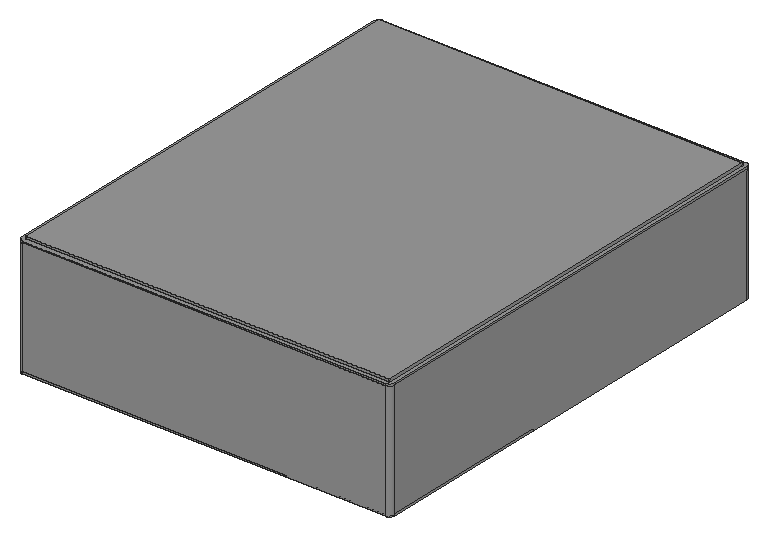
Revit family "Building-SurfaceMountingEnclosures-GEWISS-44CE-JUNCTION-BOXES-WALL-MOUNTING", category Apparecchi elettrici, host Superficie, Revit 2016
Family settings
  Host = Superficie
  Mantenere orientamento annotazione = Sì
  Tipo di parte = Normale
  Quota connettore circolare = Usa diametro
  Numero OmniClass = 23.80.30.14.24
  Titolo OmniClass = Junction Boxes
  Taglio con vuoti quando caricato = No
  Condiviso = No
  Punto di calcolo locali = Sì
Parameters (values of type "GW44431 - ENCLOSURE W.TRANSP.LID 460X380X120 IP56")
  distanza dal muro [instance] = 0 mm
  Walls = "Smooth"
  Voltaggio = 0 V
  Version file RFA = "18.0"
  VISTA DI PIANTA [instance] = yes
  URL = "https://www.gewiss.com/ww/en"
  Type of material = "Halogen-free in compliance with EN 60754-2"
  Torque screws tightening = "1,8NM"
  Thermo-pressure with ball = "110 °C"
  Technical sheet = "https://www.gewiss.com/ww/en/search?q=GW44431"
  Spostamento_x [instance] = 0 mm
  Spostamento_effettivo_x [instance] = 4000 mm - Spostamento_x  # 4000 mm
  Shock resistance = "IK08"
  SEO = "Box"
  Realized by GEWISS S.p.A. = ""
  Produttore = "GEWISS S.p.A."
  Operating temperature = "-25 +60 °C"
  Max Ã˜ holes possible = "48MM"
  Material = "Technopolymer GWPLAST 120"
  Lid screws (no. and type) = "6 insul. sealable hinged"
  Lid colour = "Transparent"
  Lid = "Plain screwed"
  Internal dim. LxHxD (mm) = "460x380x120"
  Insulation class = "II (according to IEC 61140 standards)"
  Immagine tipo = GW44431.jpg
  Scatola = GW - Grigio RAL 7035
  SIMBOLO [instance] = yes
  Modello = "GW44431"
  Default Elevation = 1219.2 mm
  Lunghezza_interna = 380 mm
  Larghezza_interna = 460 mm
  Spessore = 120 mm
  IP degree = "IP56"
  IDT = "9d7720fb-e677-4d26-8d25-fa01e92eaf96"
  IDF = "2f48c751-3916-45a0-a840-afda0dddd5b2"
  Glow Wire Test = "650°C"
  Electrocod = "0231"
  EAN code = "8011564014145"
  Diametro ingresso corrugato [instance] = 20 mm
  Dettaglio = Eemento di dettaglio - 44CE : 460x380x120
  Descrizione = "ENCLOSURE W.TRANSP.LID 460X380X120 IP56"
  Coperchio = GEWISS COPERCHIO TRASPARENTE
  Colour = "Grey RAL 7035"
  Classificazione = Other
  Catalogue Range = "44 CE"
  Catalogue = "BUILDING"
  Carico apparente = 0 VA
  CORNICE SIMBOLO [instance] = no
  COBie.Tagnumber = ""
  COBie.CreatedOn = ""
  COBie.CreatebBy = ""
  COBie.ComponentRegisterItemID = ""
  COBie.Component.TagNumber = ""
  COBie.Component.Space = ""
  COBie.Component.SerialNumber = ""
  COBie.Component.InstallationDate = ""
  COBie.Component.Description = ""
  COBie.Component.BarCode = ""
  Application = "Industrial uses"
  Accessories for insulation restoring = "GW44621"
Types (34, lengths in mm): name | Type of material | Torque screws tightening | Thermo-pressure with ball | Technical sheet | Spostamento_x | Spostamento_effettivo_x | Max Ã˜ holes possible | Material | Lid screws (no. and type) | Lid colour | Internal dim. LxHxD (mm) | Immagine tipo | Modello | Lunghezza_interna | Larghezza_interna | Spessore | IP degree | IDT | Glow Wire Test | Electrocod | EAN code | Dettaglio | Descrizione | Coperchio | Application | Accessories for insulation restoring
  GW44204 - JUNCT.BOX SMOOTH WALLS 100X100X50 IP56 | "Halogen-free in compliance with EN 60754-2" | "1NM" | "85 °C" | "https://www.gewiss.com/ww/en/search?q=GW44204" | 0 | 4000 | "29MM" | "Technopolymer GWPLAST 75" | "4 - Stainless steel" | "" | "100x100x50" | GW44204.jpg | "GW44204" | 100 | 100 | 50 | "IP56" | "22969abb-50f3-4462-9943-7c3efaf73419" | "650°C" | "02211" | "8011564013773" | Eemento di dettaglio - 44CE : 100x100x50 | "JUNCT.BOX SMOOTH WALLS 100X100X50 IP56" | GW - Grigio RAL 7035 | "Ordinary junctions" | "GW44622"
  GW44205 - JUNCT.BOX SMOOTH WALLS 120X80X50 IP56 | "Halogen-free in compliance with EN 60754-2" | "1NM" | "85 °C" | "https://www.gewiss.com/ww/en/search?q=GW44205" | 0 | 4000 | "29MM" | "Technopolymer GWPLAST 75" | "4 - Stainless steel" | "" | "120x80x50" | GW44205.jpg | "GW44205" | 80 | 120 | 50 | "IP56" | "52b7fb7c-12f0-4e62-ae51-f10f6e64914f" | "650°C" | "02211" | "8011564013780" | Eemento di dettaglio - 44CE : 120x80x50 | "JUNCT.BOX SMOOTH WALLS 120X80X50 IP56" | GW - Grigio RAL 7035 | "Ordinary junctions" | "GW44622"
  GW44206 - JUNCT.BOX SMOOTH WALLS 150X110X70 IP56 | "Halogen-free in compliance with EN 60754-2" | "1,2NM" | "85 °C" | "https://www.gewiss.com/ww/en/search?q=GW44206" | 0 | 4000 | "29MM" | "Technopolymer GWPLAST 75" | "4 - Stainless steel" | "" | "150x110x70" | GW44206.jpg | "GW44206" | 110 | 150 | 70 | "IP56" | "47d10e64-8065-4d23-8b62-953182284a50" | "650°C" | "02211" | "8011564013797" | Eemento di dettaglio - 44CE : 150x110x70 | "JUNCT.BOX SMOOTH WALLS 150X110X70 IP56" | GW - Grigio RAL 7035 | "Ordinary junctions" | "GW44622"
  GW44207 - JUNCT.BOX SMOOTH WALLS 190X140X70 IP56 | "Halogen-free in compliance with EN 60754-2" | "1,8NM" | "85 °C" | "https://www.gewiss.com/ww/en/search?q=GW44207" | 0 | 4000 | "37MM" | "Technopolymer GWPLAST 75" | "4 insul. sealable hinged" | "" | "190x140x70" | GW44207.jpg | "GW44207" | 140 | 190 | 70 | "IP56" | "337b83f9-6b4d-4582-90cc-11de11e69969" | "650°C" | "02211" | "8011564013803" | Eemento di dettaglio - 44CE : 190x140x70 | "JUNCT.BOX SMOOTH WALLS 190X140X70 IP56" | GW - Grigio RAL 7035 | "Ordinary junctions" | "GW44621, GW44622"
  GW44208 - JUNCT.BOX SMOOTH WALLS 240X190X90 IP56 | "Halogen-free in compliance with EN 60754-2" | "1,8NM" | "85 °C" | "https://www.gewiss.com/ww/en/search?q=GW44208" | -96.081 | 4096.081 | "37MM" | "Technopolymer GWPLAST 75" | "4 insul. sealable hinged" | "" | "240x190x90" | GW44208.jpg | "GW44208" | 190 | 240 | 90 | "IP56" | "de1af3df-6e3f-48cf-83ee-0215e9915d51" | "650°C" | "02211" | "8011564013810" | Eemento di dettaglio - 44CE : 240x190x90 | "JUNCT.BOX SMOOTH WALLS 240X190X90 IP56" | GW - Grigio RAL 7035 | "Ordinary junctions" | "GW44621, GW44622"
  GW44209 - JUNCT.BOX SMOOTH WALLS  300X220X120 IP56 | "Halogen-free in compliance with EN 60754-2" | "1,8NM" | "85 °C" | "https://www.gewiss.com/ww/en/search?q=GW44209" | 0 | 4000 | "48MM" | "Technopolymer GWPLAST 75" | "4 insul. sealable hinged" | "" | "300x220x120" | GW44209.jpg | "GW44209" | 220 | 300 | 120 | "IP56" | "cf6db834-0863-43b0-a483-11796ac71c75" | "650°C" | "02211" | "8011564013827" | Eemento di dettaglio - 44CE : 300x220x120 | "JUNCT.BOX SMOOTH WALLS  300X220X120 IP56" | GW - Grigio RAL 7035 | "Ordinary junctions" | "GW44621, GW44622"
  GW44210 - JUNCT.BOX SMOOTH WALLS 380X300X120 IP56 | "Halogen-free in compliance with EN 60754-2" | "1,8NM" | "85 °C" | "https://www.gewiss.com/ww/en/search?q=GW44210" | 0 | 4000 | "48MM" | "Technopolymer GWPLAST 75" | "4 insul. sealable hinged" | "" | "380x300x120" | GW44210.jpg | "GW44210" | 300 | 380 | 120 | "IP56" | "3153c5f9-b06e-4ae9-a280-79e8a165a081" | "650°C" | "02211" | "8011564013834" | Eemento di dettaglio - 44CE : 380x300x120 | "JUNCT.BOX SMOOTH WALLS 380X300X120 IP56" | GW - Grigio RAL 7035 | "Ordinary junctions" | "GW44621, GW44623"
  GW44211 - JUNCT.BOX SMOOTH WALLS 460X380X120 IP56 | "Halogen-free in compliance with EN 60754-2" | "1,8NM" | "85 °C" | "https://www.gewiss.com/ww/en/search?q=GW44211" | 0 | 4000 | "48MM" | "Technopolymer GWPLAST 75" | "6 insul. sealable hinged" | "" | "460x380x120" | GW44211.jpg | "GW44211" | 380 | 460 | 120 | "IP56" | "38c04d2f-f886-4409-965b-0291314ac90d" | "650°C" | "02211" | "8011564013841" | Eemento di dettaglio - 44CE : 460x380x120 | "JUNCT.BOX SMOOTH WALLS 460X380X120 IP56" | GW - Grigio RAL 7035 | "Ordinary junctions" | "GW44621"
  GW44234 - JUNCT.BOX IP55 100x100x50 1/4T GWT 650°C | "Halogen-free in compliance with EN 60754-2" | "1NM" | "85 °C" | "https://www.gewiss.com/ww/en/search?q=GW44234" | 0 | 4000 | "29MM" | "Technopolymer GWPLAST 75" | "4 insul. a 1/4 turn, sealable" | "" | "100x100x50" | GW44234.jpg | "GW44234" | 100 | 100 | 50 | "IP55" | "619f96b8-842b-479f-8803-44aba47870ac" | "650°C" | "02211" | "8011564196223" | Eemento di dettaglio - 44CE : 100x100x50 | "JUNCT.BOX IP55 100x100x50 1/4T GWT 650°C" | GW - Grigio RAL 7035 | "Ordinary junctions" | "GW44622"
  GW44236 - JUNCT.BOX IP55 150x110x70 1/4T GWT 650°C | "Halogen-free in compliance with EN 60754-2" | "1,2NM" | "85 °C" | "https://www.gewiss.com/ww/en/search?q=GW44236" | 0 | 4000 | "29MM" | "Technopolymer GWPLAST 75" | "4 insul. a 1/4 turn, sealable" | "" | "150x110x70" | GW44236.jpg | "GW44236" | 110 | 150 | 70 | "IP55" | "281e44f2-e44d-496f-be65-35e6b1397034" | "650°C" | "02211" | "8011564196230" | Eemento di dettaglio - 44CE : 150x110x70 | "JUNCT.BOX IP55 150x110x70 1/4T GWT 650°C" | GW - Grigio RAL 7035 | "Ordinary junctions" | "GW44622"
  GW44274 - JUNC.BOX IP56 100X100X50 SMOOTH W.GWT960 | "" | "1NM" | "85 °C" | "https://www.gewiss.com/ww/en/search?q=GW44274" | 0 | 4000 | "29MM" | "Technopolymer GWPLAST 75" | "4 - Stainless steel" | "" | "100x100x50" | GW44274.jpg | "GW44274" | 100 | 100 | 50 | "IP56" | "e997b518-ba17-463e-bd0d-39e5084bd7c5" | "960°C" | "02211" | "8011564217812" | Eemento di dettaglio - 44CE : 100x100x50 | "JUNC.BOX IP56 100X100X50 SMOOTH W.GWT960" | GW - Grigio RAL 7035 | "Special uses" | "GW44622"
  GW44275 - JUNC.BOX IP56 120X80X50 SMOOTH W.GWT960 | "" | "1NM" | "85 °C" | "https://www.gewiss.com/ww/en/search?q=GW44275" | 0 | 4000 | "29MM" | "Technopolymer GWPLAST 75" | "4 - Stainless steel" | "" | "120x80x50" | GW44275.jpg | "GW44275" | 80 | 120 | 50 | "IP56" | "5883e35f-b3ac-4b66-b288-712acfc49f72" | "960°C" | "02211" | "8011564217652" | Eemento di dettaglio - 44CE : 120x80x50 | "JUNC.BOX IP56 120X80X50 SMOOTH W.GWT960" | GW - Grigio RAL 7035 | "Special uses" | "GW44622"
  GW44276 - JUNC.BOX IP56 150X110X70 SMOOTH W.GWT960 | "" | "1,2NM" | "85 °C" | "https://www.gewiss.com/ww/en/search?q=GW44276" | 0 | 4000 | "29MM" | "Technopolymer GWPLAST 75" | "4 - Stainless steel" | "" | "150x110x70" | GW44276.jpg | "GW44276" | 110 | 150 | 70 | "IP56" | "b53966a8-4626-4e9a-aad6-d22c8c7f2ac1" | "960°C" | "02211" | "8011564217669" | Eemento di dettaglio - 44CE : 150x110x70 | "JUNC.BOX IP56 150X110X70 SMOOTH W.GWT960" | GW - Grigio RAL 7035 | "Special uses" | "GW44622"
  GW44277 - JUNC.BOX IP56 190X140X70 SMOOTH W.GWT960 | "" | "1,8NM" | "85 °C" | "https://www.gewiss.com/ww/en/search?q=GW44277" | 0 | 4000 | "37MM" | "Technopolymer GWPLAST 75" | "4 insul. sealable hinged" | "" | "190x140x70" | GW44277.jpg | "GW44277" | 140 | 190 | 70 | "IP56" | "d0b87ffa-5f63-4ed0-b7d6-0692e56bd290" | "960°C" | "02211" | "8011564217713" | Eemento di dettaglio - 44CE : 190x140x70 | "JUNC.BOX IP56 190X140X70 SMOOTH W.GWT960" | GW - Grigio RAL 7035 | "Special uses" | "GW44621, GW44622"
  GW44278 - JUNC.BOX IP56 240X190X90 SMOOTH W.GWT960 | "" | "1,8NM" | "85 °C" | "https://www.gewiss.com/ww/en/search?q=GW44278" | 0 | 4000 | "37MM" | "Technopolymer GWPLAST 75" | "4 insul. sealable hinged" | "" | "240x190x90" | GW44278.jpg | "GW44278" | 190 | 240 | 90 | "IP56" | "0ec5c686-7769-4853-90fd-ad9551c88550" | "960°C" | "02211" | "8011564217676" | Eemento di dettaglio - 44CE : 240x190x90 | "JUNC.BOX IP56 240X190X90 SMOOTH W.GWT960" | GW - Grigio RAL 7035 | "Special uses" | "GW44621, GW44622"
  GW44279 - JUNC.BOX IP56 300X220X120 SMOOTH W.GWT96 | "" | "1,8NM" | "85 °C" | "https://www.gewiss.com/ww/en/search?q=GW44279" | 0 | 4000 | "48MM" | "Technopolymer GWPLAST 75" | "4 insul. sealable hinged" | "" | "300x220x120" | GW44279.jpg | "GW44279" | 220 | 300 | 120 | "IP56" | "8d718023-3375-42f4-a0f4-a0b96770263a" | "960°C" | "02211" | "8011564229273" | Eemento di dettaglio - 44CE : 300x220x120 | "JUNC.BOX IP56 300X220X120 SMOOTH W.GWT96" | GW - Grigio RAL 7035 | "Special uses" | "GW44621, GW44622"
  GW44280 - JUNC.BOX IP56 380X300X120 SMOOTH W.GWT96 | "" | "1,8NM" | "85 °C" | "https://www.gewiss.com/ww/en/search?q=GW44280" | 0 | 4000 | "48MM" | "Technopolymer GWPLAST 75" | "4 insul. sealable hinged" | "" | "380x300x120" | GW44280.jpg | "GW44280" | 300 | 380 | 120 | "IP56" | "b7c0b937-ba61-4496-b604-63adade399ab" | "960°C" | "02211" | "8011564229266" | Eemento di dettaglio - 44CE : 380x300x120 | "JUNC.BOX IP56 380X300X120 SMOOTH W.GWT96" | GW - Grigio RAL 7035 | "Special uses" | "GW44621, GW44623"
  GW44281 - JUNC.BOX IP56 460X380X120 SMOOTH W.GWT96 | "" | "1,8NM" | "85 °C" | "https://www.gewiss.com/ww/en/search?q=GW44281" | 0 | 4000 | "48MM" | "Technopolymer GWPLAST 75" | "6 insul. sealable hinged" | "" | "460x380x120" | GW44281.jpg | "GW44281" | 380 | 460 | 120 | "IP56" | "e35a4935-07ed-4066-a8b6-1c8459cb4148" | "960°C" | "02211" | "8011564243873" | Eemento di dettaglio - 44CE : 460x380x120 | "JUNC.BOX IP56 460X380X120 SMOOTH W.GWT96" | GW - Grigio RAL 7035 | "Special uses" | "GW44621"
  GW44404 - JUNCT.BOX HR GREY LID 100X100X50 IP56 | "Halogen-free in compliance with EN 60754-2" | "1NM" | "110 °C" | "https://www.gewiss.com/ww/en/search?q=GW44404" | 0 | 4000 | "29MM" | "Technopolymer GWPLAST 120" | "4 - Stainless steel" | "" | "100x100x50" | GW44404.jpg | "GW44404" | 100 | 100 | 50 | "IP56" | "750acd2b-a3ef-4846-9e7c-f73541f92083" | "650°C" | "02211" | "8011564013933" | Eemento di dettaglio - 44CE : 100x100x50 | "JUNCT.BOX HR GREY LID 100X100X50 IP56" | GW - Grigio RAL 7035 | "Industrial uses" | "GW44622"
  GW44405 - JUNCT.BOX HR GREY LID 120X80X50 IP56 | "Halogen-free in compliance with EN 60754-2" | "1NM" | "110 °C" | "https://www.gewiss.com/ww/en/search?q=GW44405" | 0 | 4000 | "29MM" | "Technopolymer GWPLAST 120" | "4 - Stainless steel" | "" | "120x80x50" | GW44405.jpg | "GW44405" | 80 | 120 | 50 | "IP56" | "0e51d91c-d58c-49f9-b701-a1c23f221c1f" | "650°C" | "02211" | "8011564013940" | Eemento di dettaglio - 44CE : 120x80x50 | "JUNCT.BOX HR GREY LID 120X80X50 IP56" | GW - Grigio RAL 7035 | "Industrial uses" | "GW44622"
  GW44406 - JUNCT.BOX HR GREY LID 180X110X70 IP56 | "Halogen-free in compliance with EN 60754-2" | "1,2NM" | "110 °C" | "https://www.gewiss.com/ww/en/search?q=GW44406" | 0 | 4000 | "29MM" | "Technopolymer GWPLAST 120" | "4 - Stainless steel" | "" | "150x110x70" | GW44406.jpg | "GW44406" | 110 | 150 | 70 | "IP56" | "8391f345-a0a0-461b-ba1d-9980c097f095" | "650°C" | "02211" | "8011564013957" | Eemento di dettaglio - 44CE : 150x110x70 | "JUNCT.BOX HR GREY LID 180X110X70 IP56" | GW - Grigio RAL 7035 | "Industrial uses" | "GW44622"
  GW44407 - JUNCT.BOX HR GREY LID 190X140X70 IP56 | "Halogen-free in compliance with EN 60754-2" | "1,8NM" | "110 °C" | "https://www.gewiss.com/ww/en/search?q=GW44407" | 0 | 4000 | "37MM" | "Technopolymer GWPLAST 120" | "4 insul. sealable hinged" | "" | "190x140x70" | GW44407.jpg | "GW44407" | 140 | 190 | 70 | "IP56" | "7e8647a0-67c3-4646-80c9-3d7f8af10237" | "650°C" | "02211" | "8011564013964" | Eemento di dettaglio - 44CE : 190x140x70 | "JUNCT.BOX HR GREY LID 190X140X70 IP56" | GW - Grigio RAL 7035 | "Industrial uses" | "GW44621, GW44622"
  GW44408 - JUNCT.BOX HR GREY LID 240X190X90 IP56 | "Halogen-free in compliance with EN 60754-2" | "1,8NM" | "110 °C" | "https://www.gewiss.com/ww/en/search?q=GW44408" | 0 | 4000 | "37MM" | "Technopolymer GWPLAST 120" | "4 insul. sealable hinged" | "" | "240x190x90" | GW44408.jpg | "GW44408" | 190 | 240 | 90 | "IP56" | "51dfb1b3-6a35-4a4d-b698-06af54bf9265" | "650°C" | "02211" | "8011564013971" | Eemento di dettaglio - 44CE : 240x190x90 | "JUNCT.BOX HR GREY LID 240X190X90 IP56" | GW - Grigio RAL 7035 | "Industrial uses" | "GW44621, GW44622"
  GW44409 - JUNCT.BOX HR GREY LID 300X220X120 IP56 | "Halogen-free in compliance with EN 60754-2" | "1,8NM" | "110 °C" | "https://www.gewiss.com/ww/en/search?q=GW44409" | 0 | 4000 | "48MM" | "Technopolymer GWPLAST 120" | "4 insul. sealable hinged" | "" | "300x220x120" | GW44409.jpg | "GW44409" | 220 | 300 | 120 | "IP56" | "48d0f2e2-bb70-4c35-9759-5ea754bf303d" | "650°C" | "02211" | "8011564013988" | Eemento di dettaglio - 44CE : 300x220x120 | "JUNCT.BOX HR GREY LID 300X220X120 IP56" | GW - Grigio RAL 7035 | "Industrial uses" | "GW44621, GW44622"
  GW44410 - JUNCT.BOX HR GREY LID 380X300X120 IP56 | "Halogen-free in compliance with EN 60754-2" | "1,8NM" | "110 °C" | "https://www.gewiss.com/ww/en/search?q=GW44410" | 0 | 4000 | "48MM" | "Technopolymer GWPLAST 120" | "4 insul. sealable hinged" | "" | "380x300x120" | GW44410.jpg | "GW44410" | 300 | 380 | 120 | "IP56" | "365f367a-1d7d-4abb-9870-d18497ac7913" | "650°C" | "02211" | "8011564013995" | Eemento di dettaglio - 44CE : 380x300x120 | "JUNCT.BOX HR GREY LID 380X300X120 IP56" | GW - Grigio RAL 7035 | "Industrial uses" | "GW44621, GW44623"
  GW44411 - JUNCT.BOX HR GREY LID 460X380X120 IP56 | "Halogen-free in compliance with EN 60754-2" | "1,8NM" | "110 °C" | "https://www.gewiss.com/ww/en/search?q=GW44411" | 0 | 4000 | "48MM" | "Technopolymer GWPLAST 120" | "6 insul. sealable hinged" | "" | "460x380x120" | GW44411.jpg | "GW44411" | 380 | 460 | 120 | "IP56" | "ea4f5cfc-22bd-4620-95a3-d833981edb37" | "650°C" | "02211" | "8011564014008" | Eemento di dettaglio - 44CE : 460x380x120 | "JUNCT.BOX HR GREY LID 460X380X120 IP56" | GW - Grigio RAL 7035 | "Industrial uses" | "GW44621"
  GW44426 - ENCLOSURE.W.TRASP.LID 150X110X70 IP56 | "Halogen-free in compliance with EN 60754-2" | "1,2NM" | "110 °C" | "https://www.gewiss.com/ww/en/search?q=GW44426" | 0 | 4000 | "29MM" | "Technopolymer GWPLAST 120" | "4 - Stainless steel" | "Transparent" | "150x110x70" | GW44426.jpg | "GW44426" | 110 | 150 | 70 | "IP56" | "642b2107-529a-4c8a-9f11-c17127c2447a" | "650°C" | "0231" | "8011564014091" | Eemento di dettaglio - 44CE : 150x110x70 | "ENCLOSURE.W.TRASP.LID 150X110X70 IP56" | GEWISS COPERCHIO TRASPARENTE | "Industrial uses" | "GW44622"
  GW44427 - ENCLOSURE W.TRANSP.LID 190X140X70 IP56 | "Halogen-free in compliance with EN 60754-2" | "1,8NM" | "110 °C" | "https://www.gewiss.com/ww/en/search?q=GW44427" | 0 | 4000 | "37MM" | "Technopolymer GWPLAST 120" | "4 insul. sealable hinged" | "Transparent" | "190x140x70" | GW44427.jpg | "GW44427" | 140 | 190 | 70 | "IP56" | "1f575b1e-750e-475f-88f6-55364de4ccdd" | "650°C" | "0231" | "8011564014107" | Eemento di dettaglio - 44CE : 190x140x70 | "ENCLOSURE W.TRANSP.LID 190X140X70 IP56" | GEWISS COPERCHIO TRASPARENTE | "Industrial uses" | "GW44621, GW44622"
  GW44428 - ENCLOSURE W.TRASPA.LID 240X190X90 IP56 | "Halogen-free in compliance with EN 60754-2" | "1,8NM" | "110 °C" | "https://www.gewiss.com/ww/en/search?q=GW44428" | 0 | 4000 | "37MM" | "Technopolymer GWPLAST 120" | "4 insul. sealable hinged" | "Transparent" | "240x190x90" | GW44428.jpg | "GW44428" | 190 | 240 | 90 | "IP56" | "95f7208e-ab4c-4f24-91e3-2630591d55d0" | "650°C" | "0231" | "8011564014114" | Eemento di dettaglio - 44CE : 240x190x90 | "ENCLOSURE W.TRASPA.LID 240X190X90 IP56" | GEWISS COPERCHIO TRASPARENTE | "Industrial uses" | "GW44621, GW44622"
  GW44429 - ENCLOSURE W.TRASPA LID 300X220X120 IP56 | "Halogen-free in compliance with EN 60754-2" | "1,8NM" | "110 °C" | "https://www.gewiss.com/ww/en/search?q=GW44429" | 0 | 4000 | "48MM" | "Technopolymer GWPLAST 120" | "4 insul. sealable hinged" | "Transparent" | "300x220x120" | GW44429.jpg | "GW44429" | 220 | 300 | 120 | "IP56" | "f8c9483f-1494-434d-8185-026f5ffa6c0e" | "650°C" | "0231" | "8011564014121" | Eemento di dettaglio - 44CE : 300x220x120 | "ENCLOSURE W.TRASPA LID 300X220X120 IP56" | GEWISS COPERCHIO TRASPARENTE | "Industrial uses" | "GW44621, GW44622"
  GW44430 - ENCLOSURE W.TRASPA LID 380X300X120 IP56 | "Halogen-free in compliance with EN 60754-2" | "1,8NM" | "110 °C" | "https://www.gewiss.com/ww/en/search?q=GW44430" | 0 | 4000 | "48MM" | "Technopolymer GWPLAST 120" | "4 insul. sealable hinged" | "Transparent" | "380x300x120" | GW44430.jpg | "GW44430" | 300 | 380 | 120 | "IP56" | "67789a81-6ead-4081-bc10-1282b956d628" | "650°C" | "0231" | "8011564014138" | Eemento di dettaglio - 44CE : 380x300x120 | "ENCLOSURE W.TRASPA LID 380X300X120 IP56" | GEWISS COPERCHIO TRASPARENTE | "Industrial uses" | "GW44621, GW44623"
  GW44431 - ENCLOSURE W.TRANSP.LID 460X380X120 IP56 | "Halogen-free in compliance with EN 60754-2" | "1,8NM" | "110 °C" | "https://www.gewiss.com/ww/en/search?q=GW44431" | 0 | 4000 | "48MM" | "Technopolymer GWPLAST 120" | "6 insul. sealable hinged" | "Transparent" | "460x380x120" | GW44431.jpg | "GW44431" | 380 | 460 | 120 | "IP56" | "9d7720fb-e677-4d26-8d25-fa01e92eaf96" | "650°C" | "0231" | "8011564014145" | Eemento di dettaglio - 44CE : 460x380x120 | "ENCLOSURE W.TRANSP.LID 460X380X120 IP56" | GEWISS COPERCHIO TRASPARENTE | "Industrial uses" | "GW44621"
  GW44276C - JUN. BOX IP56 150X110X70 SM. WAL. UL-CSA | "" | "1.2 Nm" | "75 °C" | "https://www.gewiss.com/ww/en/search?q=GW44276C" | 0 | 4000 | "29MM" | "Technopolymer GWPLAST 75" | "4 - Stainless steel" | "" | "150x110x70" | GW44276.jpg | "GW44276C" | 110 | 150 | 70 | "IP56" | "8ac1469b-7395-40e8-b3e7-585c46269fcf" | "960°C" | "02211" | "8011564718913" | Eemento di dettaglio - 44CE : 150x110x70 | "JUN. BOX IP56 150X110X70 SM. WAL. UL-CSA" | none | "Special uses" | ""
  GW44277C - JUN. BOX IP56 190X140X70 SM. WAL. UL-CSA | "" | "1,8 NM" | "75 °C" | "https://www.gewiss.com/ww/en/search?q=GW44277C" | 0 | 4000 | "37MM" | "Technopolymer GWPLAST 75" | "4 insul. sealable hinged" | "" | "190x140x70" | GW44277.jpg | "GW44277C" | 140 | 190 | 70 | "IP56" | "ea63f5ab-7427-4fb7-a54b-d90346ebd528" | "960°C" | "02211" | "8011564718920" | Eemento di dettaglio - 44CE : 190x140x70 | "JUN. BOX IP56 190X140X70 SM. WAL. UL-CSA" | none | "Special uses" | ""
Reference planes
  plane 1 "Centro (Fronte/Retro)": y = 0
  plane 2 "base muro": z = 0
  plane 3 "Centro (Sinistra/Destra)": x = 0
  plane 4: x = -191.081
  plane 5: y = 231.081
  plane 6: x = 191.081
  plane 7: y = -231.081
  plane 8: z = 1.5
  plane 9: y = 230
  plane 10: x = -190
  plane 11: y = -230
  plane 12: x = 190
  plane 13: y = 235.081
  plane 14: x = 195.081
  plane 15: y = -235.081
  plane 16: x = -195.081
  plane 17: z = 120
  plane 18: z = 124.056
  plane 19: x = -4000
  plane 20: x = 0
Forms (mm)
  Extrusion 1, solid, material "GW - Grigio RAL 7035" <- "Scatola"
    sketch origin (0, 0, 0) x (1, 0, 0) y (0, 1, 0)
      loop
        arc (-185.934, 231.081) -> (-189.573, 229.573) -> (-191.081, 225.934) r 5.147
        line (-191.081, 225.934) -> (-191.081, -225.934)
        arc (-191.081, -225.934) -> (-189.573, -229.573) -> (-185.934, -231.081) r 5.147
        line (-185.934, -231.081) -> (185.934, -231.081)
        arc (185.934, -231.081) -> (189.573, -229.573) -> (191.081, -225.934) r 5.147
        line (191.081, -225.934) -> (191.081, 225.934)
        arc (191.081, 225.934) -> (189.573, 229.573) -> (185.934, 231.081) r 5.147
        line (185.934, 231.081) -> (-185.934, 231.081)
      loop
        arc (-185.934, 230) -> (-188.809, 228.809) -> (-190, 225.934) r 4.066
        line (-190, 225.934) -> (-190, -225.934)
        arc (-190, -225.934) -> (-188.809, -228.809) -> (-185.934, -230) r 4.066
        line (-185.934, -230) -> (185.936, -230)
        arc (185.936, -230) -> (188.81, -228.809) -> (190.001, -225.935) r 4.065
        line (190.001, -225.935) -> (190.001, 225.934)
        arc (190.001, 225.934) -> (188.81, 228.809) -> (185.934, 230) r 4.066
        line (185.934, 230) -> (-185.934, 230)
    from 0 to 120
  Extrusion 2, solid, material "GEWISS COPERCHIO TRASPARENTE" <- "Coperchio"
    sketch origin (0, 0, 0) x (1, 0, 0) y (0, 1, 0)
      loop
        line (-185.934, -231.081) -> (185.934, -231.081)
        arc (185.934, -231.081) -> (189.573, -229.573) -> (191.081, -225.934) r 5.147
        line (191.081, -225.934) -> (191.081, 225.934)
        arc (191.081, 225.934) -> (189.573, 229.573) -> (185.934, 231.081) r 5.147
        line (185.934, 231.081) -> (-185.934, 231.081)
        arc (-185.934, 231.081) -> (-189.573, 229.573) -> (-191.081, 225.934) r 5.147
        line (-191.081, 225.934) -> (-191.081, -225.934)
        arc (-191.081, -225.934) -> (-189.573, -229.573) -> (-185.934, -231.081) r 5.147
    from 0 to 1.5
  Extrusion 3, solid, material "GEWISS COPERCHIO TRASPARENTE" <- "Coperchio"
    sketch origin (0, 0, 0) x (1, 0, 0) y (0, 1, 0)
      loop
        arc (-185.934, 231.081) -> (-189.573, 229.573) -> (-191.081, 225.934) r 5.147
        line (-191.081, 225.934) -> (-191.081, -225.934)
        arc (-191.081, -225.934) -> (-189.573, -229.573) -> (-185.934, -231.081) r 5.147
        line (-185.934, -231.081) -> (185.934, -231.081)
        arc (185.934, -231.081) -> (189.573, -229.573) -> (191.081, -225.934) r 5.147
        line (191.081, -225.934) -> (191.081, 225.934)
        arc (191.081, 225.934) -> (189.573, 229.573) -> (185.934, 231.081) r 5.147
        line (185.934, 231.081) -> (-185.934, 231.081)
    from 120 to 124.056
  Sweep 4, void
    path in 3D
      loop
        line (-191.081, -225.934, 124.056) -> (-191.081, 225.934, 124.056)
        arc (-191.081, 225.934, 124.056) -> (-189.573, 229.573, 124.056) -> (-185.934, 231.081, 124.056) r 5.147
        line (-185.934, 231.081, 124.056) -> (185.934, 231.081, 124.056)
        arc (185.934, 231.081, 124.056) -> (189.573, 229.573, 124.056) -> (191.081, 225.934, 124.056) r 5.147
        line (191.081, 225.934, 124.056) -> (191.081, -225.934, 124.056)
        arc (191.081, -225.934, 124.056) -> (189.573, -229.573, 124.056) -> (185.934, -231.081, 124.056) r 5.147
        line (185.934, -231.081, 124.056) -> (-185.934, -231.081, 124.056)
        arc (-185.934, -231.081, 124.056) -> (-189.573, -229.573, 124.056) -> (-191.081, -225.934, 124.056) r 5.147
    profile origin (-189.573, -229.573, 124.056) x (-0.707107, -0.707107, 0) y (0, 0, 1)
      loop
        line (1.608, 0) -> (-4.763, 0) -> (-4.763, -2.556) -> (1.608, -2.556) -> (1.608, 0)
Cuts and joins
  Sweep 4 cuts Extrusion 1
  Sweep 4 cuts Extrusion 3
Lines and regions (mm)
  Masking region 1, visible <- "VISTA DI PIANTA"
    outline origin (0, 0, 0) x (1, 0, 0) y (0, 0, 1)
      loop
        line (-191.081, 124.056) -> (-191.081, 0) -> (191.081, 0) -> (191.081, 124.056) -> (-191.081, 124.056)
  Masking region 2
    outline origin (0, 0, 0) x (0, 1, 0) y (0, 0, 1)
      loop
        line (-231.081, 0) -> (231.081, 0) -> (231.081, 124.056) -> (-231.081, 124.056) -> (-231.081, 0)
  sketch lines
    curve 1: arc (-185.934, -231.081, 124.056) -> (-189.573, -229.573, 124.056) -> (-191.081, -225.934, 124.056) r 5.147
    curve 2: line (-185.934, -231.081, 124.056) -> (185.934, -231.081, 124.056)
    curve 3: line (-191.081, 225.934, 124.056) -> (-191.081, -225.934, 124.056)
    curve 4: arc (191.081, -225.934, 124.056) -> (189.573, -229.573, 124.056) -> (185.934, -231.081, 124.056) r 5.147
    curve 5: line (191.081, -225.934, 124.056) -> (191.081, 225.934, 124.056)
    curve 6: line (185.934, 231.081, 124.056) -> (-185.934, 231.081, 124.056)
    curve 7: arc (185.934, 231.081, 124.056) -> (189.573, 229.573, 124.056) -> (191.081, 225.934, 124.056) r 5.147
    curve 8: arc (-191.081, 225.934, 124.056) -> (-189.573, 229.573, 124.056) -> (-185.934, 231.081, 124.056) r 5.147
Dimensions and locks
  locked: plane 8 to plane 2 "base muro" at 1.5
  locked: plane 4 to plane 10 at 1.081
  locked: plane 5 to plane 9 at 1.081
  locked: plane 11 to plane 7 at 1.081
  locked: plane 12 to plane 6 at 1.081
  locked: plane 7 to plane 15 at 4
  locked: plane 16 to plane 4 at 4
  locked: plane 6 to plane 14 at 4
  locked: plane 13 to plane 5 at 4
  equal spacing: plane 10, plane 3 "Centro (Sinistra/Destra)", plane 12
  "Lunghezza_interna": plane 10 to plane 12
  equal spacing: plane 9, plane 1 "Centro (Fronte/Retro)", plane 11
  "Larghezza_interna": plane 9 to plane 11
  nested 1 to nested 1 = 397.073 mm
  "Spessore": plane 17 to plane 2 "base muro"
  locked: plane 18 to plane 17 at 4.056
  locked: Sweep 4 sketch curve to plane 17 at 1.5
  plane 19 to plane 3 "Centro (Sinistra/Destra)" = 4000 mm
  "Spostamento_effettivo_x": plane 19 to plane 20
  aligned and locked: plane 2 "base muro" to host face
  aligned and locked: level to host face
  aligned and locked: Extrusion 1 sketch curve to plane 5
  aligned and locked: Extrusion 1 sketch curve to plane 4
  aligned and locked: Extrusion 1 sketch curve to plane 7
  aligned and locked: Extrusion 1 sketch curve to plane 6
  aligned and locked: Extrusion 1 sketch curve to plane 9
  aligned and locked: Extrusion 1 sketch curve to plane 10
  aligned and locked: Extrusion 1 sketch curve to plane 11
  aligned and locked: Extrusion 2 sketch curve to plane 7
  aligned and locked: Extrusion 2 sketch curve to plane 4
  aligned and locked: Extrusion 2 sketch curve to plane 5
  aligned and locked: Extrusion 2 sketch curve to plane 6
  aligned and locked: Extrusion 2 to plane 2 "base muro"
  aligned and locked: plane 8 to Extrusion 2
  aligned and locked: plane 17 to Extrusion 1
  aligned and locked: Extrusion 1 to plane 2 "base muro"
  aligned and locked: Extrusion 3 sketch curve to plane 5
  aligned and locked: Extrusion 3 sketch curve to plane 4
  aligned and locked: Extrusion 3 sketch curve to plane 6
  aligned and locked: Extrusion 3 sketch curve to plane 7
  aligned and locked: Extrusion 3 to Extrusion 1
  aligned and locked: plane 18 to Extrusion 3
  aligned and locked: Masking region 1 sketch curve to plane 18
  aligned and locked: Masking region 1 sketch curve to plane 4
  aligned and locked: Masking region 1 sketch curve to Extrusion 2
  aligned and locked: Masking region 1 sketch curve to cut or joined group of Extrusion 1, Sweep 4
  aligned and locked: Masking region 2 sketch curve to Extrusion 2
  aligned and locked: Masking region 2 sketch curve to cut or joined group of Extrusion 1, Sweep 4
  aligned and locked: plane 18 to Masking region 2 sketch curve
  aligned and locked: plane 5 to Masking region 2 sketch curve
  aligned and locked: nested 2 to plane 20
Automatic sketch dimensions
  host sketch curve to host sketch curve = 2438.4 mm  (x2)
  Extrusion 1 sketch curve to plane 4 = 5.147 mm  (x2)
  plane 6 to Extrusion 1 sketch curve = 5.147 mm
  Extrusion 1 sketch curve to plane 5 = 5.147 mm
  Extrusion 1 sketch curve to Extrusion 1 sketch curve = 0 mm  (x2)
  Extrusion 1 sketch curve to Extrusion 1 sketch curve = 0.001 mm  (x2)
  Extrusion 1 sketch curve to plane 9 = 4.066 mm
  Extrusion 2 sketch curve to plane 9 = 4.066 mm  (x2)
  plane 11 to Extrusion 2 sketch curve = 4.066 mm  (x2)
  plane 11 to Extrusion 3 sketch curve = 4.066 mm  (x2)
  Extrusion 3 sketch curve to plane 9 = 4.066 mm  (x2)
  profile plane to Sweep 4 sketch curve = 0 mm
  profile plane to Sweep 4 sketch curve = 4.763 mm
  Sweep 4 sketch curve to profile plane = 1.608 mm
Nested families
  nested 1: "Eemento di dettaglio - 44CE" at (0, 0, 0), type <- "Dettaglio", type "460x380x120"
  nested 2: "CASSDERIVAZPAR" at (0, 7.316, 0), BORDO ACCESO <- "CORNICE SIMBOLO", Distanza dal muro <- "distanza dal muro", SIMBOLO ACCESO <- "SIMBOLO", type "CASSETTA"
    with SIMBOLO ACCESO yes, Distanza dal muro 0 mm, BORDO ACCESO no
Connectors
  electrical at (0, 0, 1.5), driven by "Classificazione", driven by "Voltaggio", driven by "Carico apparente"
    settings: on Extrusion 2, index 1, voltage 0 V, apparent load 0 VA, apparent load phase1 0 VA, apparent load phase2 0 VA, apparent load phase3 0 VA, power factor 1, load classification "Other", number of poles 1, system type 31, power factor state 1, is connector primary yes, connector utility no, sub classification motor no, connector description ""
  cabletrayconduit at (0, 0, 0), diameter 20, driven by "Diametro ingresso corrugato"
    settings: on cut or joined group of Extrusion 1, Sweep 4, index 2, connector width 300 mm, connector height 300 mm, connector angle 0.00°, system type 32, placement type 0, profile type 0, connector reference index -1, is primary connector yes, connector utility param no, connector description ""
  cabletrayconduit at (0, -231.081, 120.75), diameter 20, driven by "Diametro ingresso corrugato"
    settings: on cut or joined group of Extrusion 3, Sweep 4, index 3, connector width 300 mm, connector height 300 mm, connector angle 0.00°, system type 32, placement type 0, profile type 0, connector reference index -1, is primary connector no, connector utility param no, connector description ""
  cabletrayconduit at (191.081, 0, 120.75), diameter 20, driven by "Diametro ingresso corrugato"
    settings: on cut or joined group of Extrusion 3, Sweep 4, index 4, connector width 300 mm, connector height 300 mm, connector angle 0.00°, system type 32, placement type 0, profile type 0, connector reference index -1, is primary connector no, connector utility param no, connector description ""
Definition of nested family "Eemento di dettaglio - 44CE"
  Parameters (values of type "100x100x50")
    460x380x120 = no
    380x300x120 = no
    300x220x120 = no
    240x190x90 = no
    190x140x70 = no
    150x110x70 = no
    120x80x50 = no
    100x100x50 = yes
  Types (8, lengths in mm): name | 460x380x120 | 380x300x120 | 300x220x120 | 240x190x90 | 190x140x70 | 150x110x70 | 120x80x50 | 100x100x50
    460x380x120 | yes | no | no | no | no | no | no | no
    380x300x120 | no | yes | no | no | no | no | no | no
    300x220x120 | no | no | yes | no | no | no | no | no
    240x190x90 | no | no | no | yes | no | no | no | no
    190x140x70 | no | no | no | no | yes | no | no | no
    150x110x70 | no | no | no | no | no | yes | no | no
    120x80x50 | no | no | no | no | no | no | yes | no
    100x100x50 | no | no | no | no | no | no | no | yes
  Reference planes
    plane 1 "Centro (Fronte/Retro)": y = 0
    plane 2: z = 0
    plane 3 "Centro (Sinistra/Destra)": x = 0
  Lines and regions (mm)
    detail lines, in view "Livello rif.", visible <- "100x100x50"
      curve 1: arc (47.673, -51.15, 0) -> (52.489, -49.155, 0) -> (54.484, -44.339, 0) r 6.81
      curve 2: arc (-54.484, -44.339, 0) -> (-52.489, -49.155, 0) -> (-47.673, -51.15, 0) r 6.81
      curve 3: arc (54.484, 44.121, 0) -> (52.489, 48.937, 0) -> (47.673, 50.931, 0) r 6.81
      curve 4: arc (-47.673, 50.931, 0) -> (-52.489, 48.937, 0) -> (-54.484, 44.121, 0) r 6.81
      curve 5: line (-54.484, 44.121, 0) -> (-54.484, -44.339, 0)
      curve 6: line (-47.673, 50.931, 0) -> (47.673, 50.931, 0)
      curve 7: line (-47.673, -51.15, 0) -> (47.673, -51.15, 0)
      curve 8: line (54.484, 44.121, 0) -> (54.484, -44.339, 0)
    detail lines, in view "Livello rif.", visible <- "120x80x50"
      curve 9: arc (33.758, -61.541, 0) -> (38.574, -59.546, 0) -> (40.569, -54.73, 0) r 6.81
      curve 10: arc (-46.399, -54.73, 0) -> (-44.404, -59.546, 0) -> (-39.589, -61.541, 0) r 6.81
      curve 11: arc (40.569, 54.73, 0) -> (38.574, 59.546, 0) -> (33.758, 61.541, 0) r 6.81
      curve 12: arc (-39.589, 61.541, 0) -> (-44.404, 59.546, 0) -> (-46.399, 54.73, 0) r 6.81
      curve 13: line (-46.399, 54.73, 0) -> (-46.399, -54.73, 0)
      curve 14: line (-39.589, 61.541, 0) -> (33.758, 61.541, 0)
      curve 15: line (-39.589, -61.541, 0) -> (33.758, -61.541, 0)
      curve 16: line (40.569, 54.73, 0) -> (40.569, -54.73, 0)
    detail lines, in view "Livello rif.", visible <- "150x110x70"
      curve 17: arc (50.358, -76.541, 0) -> (55.174, -74.546, 0) -> (57.168, -69.73, 0) r 6.81
      curve 18: arc (-59.799, -69.73, 0) -> (-57.805, -74.546, 0) -> (-52.989, -76.541, 0) r 6.81
      curve 19: arc (57.168, 69.73, 0) -> (55.174, 74.546, 0) -> (50.358, 76.541, 0) r 6.81
      curve 20: arc (-52.989, 76.541, 0) -> (-57.805, 74.546, 0) -> (-59.799, 69.73, 0) r 6.81
      curve 21: line (-59.799, 69.73, 0) -> (-59.799, -69.73, 0)
      curve 22: line (-52.989, 76.541, 0) -> (50.358, 76.541, 0)
      curve 23: line (-52.989, -76.541, 0) -> (50.358, -76.541, 0)
      curve 24: line (57.168, 69.73, 0) -> (57.168, -69.73, 0)
    detail lines, in view "Livello rif.", visible <- "190x140x70"
      curve 25: arc (70.217, -97.061, 0) -> (75.809, -94.752, 0) -> (78.126, -89.163, 0) r 7.899
      curve 26: arc (-78.126, -89.163, 0) -> (-75.817, -94.744, 0) -> (-70.239, -97.061, 0) r 7.899
      curve 27: arc (-70.228, 100.939, 0) -> (-75.813, 98.625, 0) -> (-78.126, 93.04, 0) r 7.899
      curve 28: arc (78.126, 93.04, 0) -> (75.813, 98.625, 0) -> (70.228, 100.939, 0) r 7.899
      curve 29: line (-78.126, 93.04, 0) -> (-78.126, -89.163, 0)
      curve 30: line (78.126, 93.04, 0) -> (78.126, -89.163, 0)
      curve 31: line (-70.239, -97.061, 0) -> (70.217, -97.061, 0)
      curve 32: line (-70.228, 100.939, 0) -> (70.228, 100.939, 0)
    detail lines, in view "Livello rif.", visible <- "240x190x90"
      curve 33: arc (96.537, 113.781, 0) -> (93.679, 120.679, 0) -> (86.781, 123.537, 0) r 9.756
      curve 34: arc (-86.781, 123.537, 0) -> (-93.679, 120.679, 0) -> (-96.537, 113.781, 0) r 9.756
      curve 35: arc (86.781, -123.537, 0) -> (93.679, -120.679, 0) -> (96.537, -113.781, 0) r 9.756
      curve 36: arc (-96.537, -113.781, 0) -> (-93.679, -120.679, 0) -> (-86.781, -123.537, 0) r 9.756
      curve 37: line (-86.781, -123.537, 0) -> (86.781, -123.537, 0)
      curve 38: line (96.537, 113.781, 0) -> (96.537, -113.781, 0)
      curve 39: line (-96.537, 113.781, 0) -> (-96.537, -113.781, 0)
      curve 40: line (-86.781, 123.537, 0) -> (86.781, 123.537, 0)
    detail lines, in view "Livello rif.", visible <- "300x220x120"
      curve 41: arc (118.537, 143.781, 0) -> (115.679, 150.679, 0) -> (108.781, 153.537, 0) r 9.756
      curve 42: arc (-108.781, 153.537, 0) -> (-115.679, 150.679, 0) -> (-118.537, 143.781, 0) r 9.756
      curve 43: arc (108.781, -153.537, 0) -> (115.679, -150.679, 0) -> (118.537, -143.781, 0) r 9.756
      curve 44: arc (-118.537, -143.781, 0) -> (-115.679, -150.679, 0) -> (-108.781, -153.537, 0) r 9.756
      curve 45: line (-108.781, -153.537, 0) -> (108.781, -153.537, 0)
      curve 46: line (118.537, 143.781, 0) -> (118.537, -143.781, 0)
      curve 47: line (-118.537, 143.781, 0) -> (-118.537, -143.781, 0)
      curve 48: line (-108.781, 153.537, 0) -> (108.781, 153.537, 0)
    detail lines, in view "Livello rif.", visible <- "460x380x120"
      curve 49: arc (198.537, 227.781, 0) -> (195.679, 234.679, 0) -> (188.781, 237.537, 0) r 9.756
      curve 50: arc (-188.781, 237.537, 0) -> (-195.679, 234.679, 0) -> (-198.537, 227.781, 0) r 9.756
      curve 51: arc (188.781, -237.591, 0) -> (195.679, -234.733, 0) -> (198.537, -227.835, 0) r 9.756
      curve 52: arc (-198.537, -227.835, 0) -> (-195.679, -234.733, 0) -> (-188.781, -237.591, 0) r 9.756
      curve 53: line (-188.781, -237.591, 0) -> (188.781, -237.591, 0)
      curve 54: line (198.537, 227.781, 0) -> (198.537, -227.835, 0)
      curve 55: line (-198.537, 227.781, 0) -> (-198.537, -227.835, 0)
      curve 56: line (-188.781, 237.537, 0) -> (188.781, 237.537, 0)
    detail lines, in view "Livello rif.", visible <- "380x300x120"
      curve 57: arc (158.537, 188.781, 0) -> (155.679, 195.679, 0) -> (148.781, 198.537, 0) r 9.756
      curve 58: arc (-148.781, 198.537, 0) -> (-155.679, 195.679, 0) -> (-158.537, 188.781, 0) r 9.756
      curve 59: arc (148.781, -198.591, 0) -> (155.679, -195.733, 0) -> (158.537, -188.835, 0) r 9.756
      curve 60: arc (-158.537, -188.835, 0) -> (-155.679, -195.733, 0) -> (-148.781, -198.591, 0) r 9.756
      curve 61: line (-148.781, -198.591, 0) -> (148.781, -198.591, 0)
      curve 62: line (158.537, 188.781, 0) -> (158.537, -188.835, 0)
      curve 63: line (-158.537, 188.781, 0) -> (-158.537, -188.835, 0)
      curve 64: line (-148.781, 198.537, 0) -> (148.781, 198.537, 0)
    detail lines, in view "Livello rif.", visible <- "100x100x50", not visible
      curve 65: arc (47.673, -51.15, 0) -> (52.489, -49.155, 0) -> (54.484, -44.339, 0) r 6.81
      curve 66: arc (-54.484, -44.339, 0) -> (-52.489, -49.155, 0) -> (-47.673, -51.15, 0) r 6.81
      curve 67: arc (54.484, 44.121, 0) -> (52.489, 48.937, 0) -> (47.673, 50.931, 0) r 6.81
      curve 68: arc (-47.673, 50.931, 0) -> (-52.489, 48.937, 0) -> (-54.484, 44.121, 0) r 6.81
      curve 69: line (-54.484, 44.121, 0) -> (-54.484, -44.339, 0)
      curve 70: line (-47.673, 50.931, 0) -> (47.673, 50.931, 0)
      curve 71: line (-47.673, -51.15, 0) -> (47.673, -51.15, 0)
      curve 72: line (54.484, 44.121, 0) -> (54.484, -44.339, 0)
    detail lines, in view "Livello rif.", visible <- "120x80x50", not visible
      curve 73: arc (262.58, -63.246, 0) -> (267.396, -61.251, 0) -> (269.391, -56.435, 0) r 6.81
      curve 74: arc (182.423, -56.435, 0) -> (184.418, -61.251, 0) -> (189.234, -63.246, 0) r 6.81
      curve 75: arc (269.391, 53.025, 0) -> (267.396, 57.841, 0) -> (262.58, 59.835, 0) r 6.81
      curve 76: arc (189.234, 59.835, 0) -> (184.418, 57.841, 0) -> (182.423, 53.025, 0) r 6.81
      curve 77: line (182.423, 53.025, 0) -> (182.423, -56.435, 0)
      curve 78: line (189.234, 59.835, 0) -> (262.58, 59.835, 0)
      curve 79: line (189.234, -63.246, 0) -> (262.58, -63.246, 0)
      curve 80: line (269.391, 53.025, 0) -> (269.391, -56.435, 0)
    detail lines, in view "Livello rif.", visible <- "150x110x70", not visible
      curve 81: arc (485.206, -76.044, 0) -> (490.022, -74.049, 0) -> (492.016, -69.233, 0) r 6.81
      curve 82: arc (375.049, -69.233, 0) -> (377.043, -74.049, 0) -> (381.859, -76.044, 0) r 6.81
      curve 83: arc (492.016, 70.227, 0) -> (490.022, 75.042, 0) -> (485.206, 77.037, 0) r 6.81
      curve 84: arc (381.859, 77.037, 0) -> (377.043, 75.042, 0) -> (375.049, 70.227, 0) r 6.81
      curve 85: line (375.049, 70.227, 0) -> (375.049, -69.233, 0)
      curve 86: line (381.859, 77.037, 0) -> (485.206, 77.037, 0)
      curve 87: line (381.859, -76.044, 0) -> (485.206, -76.044, 0)
      curve 88: line (492.016, 70.227, 0) -> (492.016, -69.233, 0)
    detail lines, in view "Livello rif.", visible <- "190x140x70", not visible
      curve 89: arc (774.579, -97.487, 0) -> (780.171, -95.178, 0) -> (782.489, -89.589, 0) r 7.899
      curve 90: arc (626.236, -89.589, 0) -> (628.545, -95.17, 0) -> (634.123, -97.487, 0) r 7.899
      curve 91: arc (634.134, 100.513, 0) -> (628.549, 98.199, 0) -> (626.236, 92.614, 0) r 7.899
      curve 92: arc (782.489, 92.614, 0) -> (780.175, 98.199, 0) -> (774.59, 100.513, 0) r 7.899
      curve 93: line (626.236, 92.614, 0) -> (626.236, -89.589, 0)
      curve 94: line (782.489, 92.614, 0) -> (782.489, -89.589, 0)
      curve 95: line (634.123, -97.487, 0) -> (774.579, -97.487, 0)
      curve 96: line (634.134, 100.513, 0) -> (774.59, 100.513, 0)
    detail lines, in view "Livello rif.", visible <- "240x190x90", not visible
      curve 97: arc (1120.108, 114.597, 0) -> (1117.251, 121.496, 0) -> (1110.352, 124.353, 0) r 9.756
      curve 98: arc (936.791, 124.353, 0) -> (929.892, 121.496, 0) -> (927.035, 114.597, 0) r 9.756
      curve 99: arc (1110.352, -122.72, 0) -> (1117.251, -119.863, 0) -> (1120.108, -112.964, 0) r 9.756
      curve 100: arc (927.035, -112.964, 0) -> (929.892, -119.863, 0) -> (936.791, -122.72, 0) r 9.756
      curve 101: line (936.791, -122.72, 0) -> (1110.352, -122.72, 0)
      curve 102: line (1120.108, 114.597, 0) -> (1120.108, -112.964, 0)
      curve 103: line (927.035, 114.597, 0) -> (927.035, -112.964, 0)
      curve 104: line (936.791, 124.353, 0) -> (1110.352, 124.353, 0)
    detail lines, in view "Livello rif.", visible <- "300x220x120", not visible
      curve 105: arc (1552.083, 152.259, 0) -> (1549.226, 159.158, 0) -> (1542.327, 162.015, 0) r 9.756
      curve 106: arc (1324.766, 162.015, 0) -> (1317.868, 159.158, 0) -> (1315.01, 152.259, 0) r 9.756
      curve 107: arc (1542.327, -145.058, 0) -> (1549.226, -142.201, 0) -> (1552.083, -135.302, 0) r 9.756
      curve 108: arc (1315.01, -135.302, 0) -> (1317.868, -142.201, 0) -> (1324.766, -145.058, 0) r 9.756
      curve 109: line (1324.766, -145.058, 0) -> (1542.327, -145.058, 0)
      curve 110: line (1552.083, 152.259, 0) -> (1552.083, -135.302, 0)
      curve 111: line (1315.01, 152.259, 0) -> (1315.01, -135.302, 0)
      curve 112: line (1324.766, 162.015, 0) -> (1542.327, 162.015, 0)
    detail lines, in view "Livello rif.", visible <- "380x300x120", not visible
      curve 113: arc (2136.717, 203.414, 0) -> (2133.86, 210.313, 0) -> (2126.961, 213.17, 0) r 9.756
      curve 114: arc (1829.4, 213.17, 0) -> (1822.501, 210.313, 0) -> (1819.644, 203.414, 0) r 9.756
      curve 115: arc (2126.961, -183.957, 0) -> (2133.86, -181.1, 0) -> (2136.717, -174.201, 0) r 9.756
      curve 116: arc (1819.644, -174.201, 0) -> (1822.501, -181.1, 0) -> (1829.4, -183.957, 0) r 9.756
      curve 117: line (1829.4, -183.957, 0) -> (2126.961, -183.957, 0)
      curve 118: line (2136.717, 203.414, 0) -> (2136.717, -174.201, 0)
      curve 119: line (1819.644, 203.414, 0) -> (1819.644, -174.201, 0)
      curve 120: line (1829.4, 213.17, 0) -> (2126.961, 213.17, 0)
    detail lines, in view "Livello rif.", visible <- "460x380x120", not visible, detail levels medium+fine
      curve 121: line (2462.873, 15.574, 0) -> (3059.1, 15.574, 0)
      curve 122: line (2732.027, 269.402, 0) -> (2732.027, -219.637, 0)
      curve 127: circle (2860.929, 15.574, 0) r 7.317 normal (0, 0, 1)
      curve 128: circle (2603.125, 15.574, 0) r 7.317 normal (0, 0, 1)
      curve 129: circle (2577.027, -178.743, 0) r 3.71 normal (0, 0, 1)
      curve 130: circle (2577.027, -178.743, 0) r 9.757 normal (0, 0, 1)
      curve 131: circle (2887.027, -178.743, 0) r 9.757 normal (0, 0, 1)
      curve 132: circle (2887.027, -178.743, 0) r 3.71 normal (0, 0, 1)
      curve 133: circle (2860.929, 15.574, 0) r 4.202 normal (0, 0, 1)
      curve 134: circle (2603.125, 15.574, 0) r 4 normal (0, 0, 1)
      curve 135: circle (2577.027, 209.891, 0) r 3.71 normal (0, 0, 1)
      curve 136: circle (2577.027, 209.891, 0) r 9.757 normal (0, 0, 1)
      curve 137: circle (2887.027, 209.891, 0) r 3.71 normal (0, 0, 1)
      curve 138: circle (2887.027, 209.891, 0) r 9.757 normal (0, 0, 1)
      curve 142: line (2896.784, -178.743, 0) -> (2896.784, 15.574, 0)
      curve 143: line (2896.784, 15.574, 0) -> (2896.784, 209.891, 0)
      curve 144: line (2567.271, -178.73, 0) -> (2567.271, 15.574, 0)
      curve 145: line (2567.271, 15.574, 0) -> (2567.271, 209.878, 0)
      curve 146: line (2880.128, -171.844, 0) -> (2877.27, -168.986, 0)
      curve 147: line (2877.27, -168.986, 0) -> (2877.27, 15.574, 0)
      curve 148: line (2877.27, 15.574, 0) -> (2877.27, 200.135, 0)
      curve 149: line (2887.027, -188.5, 0) -> (2577.027, -188.5, 0)
      curve 150: line (2792.27, -178.743, 0) -> (2732.027, -178.743, 0)
      curve 151: line (2732.027, -178.743, 0) -> (2671.784, -178.743, 0)
      curve 152: line (2586.784, 200.135, 0) -> (2586.784, 15.574, 0)
      curve 153: line (2586.784, 15.574, 0) -> (2586.784, -168.986, 0)
      curve 154: line (2586.784, -168.986, 0) -> (2583.926, -171.844, 0)
      curve 155: line (2586.784, 8.257, 0) -> (2877.27, 8.257, 0)
      curve 156: line (2586.784, 22.891, 0) -> (2877.27, 22.891, 0)
      curve 158: line (2887.027, -168.986, 0) -> (2887.027, 15.574, 0)
      curve 159: line (2887.027, 15.574, 0) -> (2887.027, 200.135, 0)
      curve 160: line (2877.27, -168.986, 0) -> (2732.027, -168.986, 0)
      curve 161: line (2732.027, -168.986, 0) -> (2586.784, -168.986, 0)
      curve 162: line (2877.27, -178.743, 0) -> (2586.784, -178.743, 0)
      curve 163: line (2887.027, 219.648, 0) -> (2577.027, 219.648, 0)
      curve 164: line (2877.27, 209.891, 0) -> (2586.784, 209.891, 0)
      curve 165: line (2583.926, 202.992, 0) -> (2586.784, 200.135, 0)
      curve 166: line (2586.784, 200.135, 0) -> (2732.027, 200.135, 0)
      curve 167: line (2732.027, 200.135, 0) -> (2877.27, 200.135, 0)
      curve 168: line (2877.27, 200.135, 0) -> (2880.128, 202.992, 0)
      curve 169: line (2576.298, 200.135, 0) -> (2577.04, 200.135, 0)
      curve 170: line (2577.04, 200.135, 0) -> (2577.04, 15.574, 0)
      curve 171: line (2577.04, 15.574, 0) -> (2577.04, -168.986, 0)
      curve 172: line (2577.04, -168.986, 0) -> (2576.298, -168.986, 0)
    detail lines, in view "Livello rif.", visible <- "460x380x120", not visible
      curve 123: arc (2930.564, 243.355, 0) -> (2927.707, 250.254, 0) -> (2920.808, 253.111, 0) r 9.756
      curve 124: arc (2543.247, 253.111, 0) -> (2536.348, 250.254, 0) -> (2533.491, 243.355, 0) r 9.756
      curve 125: arc (2920.808, -222.017, 0) -> (2927.707, -219.159, 0) -> (2930.564, -212.261, 0) r 9.756
      curve 126: arc (2533.491, -212.261, 0) -> (2536.348, -219.159, 0) -> (2543.247, -222.017, 0) r 9.756
      curve 139: line (2543.247, -222.017, 0) -> (2920.808, -222.017, 0)
      curve 140: line (2930.564, 243.355, 0) -> (2930.564, -212.261, 0)
      curve 141: line (2533.491, 243.355, 0) -> (2533.491, -212.261, 0)
      curve 157: line (2543.247, 253.111, 0) -> (2920.808, 253.111, 0)
      curve 173: arc (198.537, 227.781, 0) -> (195.679, 234.679, 0) -> (188.781, 237.537, 0) r 9.756
      curve 174: arc (-188.781, 237.537, 0) -> (-195.679, 234.679, 0) -> (-198.537, 227.781, 0) r 9.756
      curve 175: arc (188.781, -237.591, 0) -> (195.679, -234.733, 0) -> (198.537, -227.835, 0) r 9.756
      curve 176: arc (-198.537, -227.835, 0) -> (-195.679, -234.733, 0) -> (-188.781, -237.591, 0) r 9.756
      curve 177: line (-188.781, -237.591, 0) -> (188.781, -237.591, 0)
      curve 178: line (198.537, 227.781, 0) -> (198.537, -227.835, 0)
      curve 179: line (-198.537, 227.781, 0) -> (-198.537, -227.835, 0)
      curve 180: line (-188.781, 237.537, 0) -> (188.781, 237.537, 0)
Definition of nested family "CASSDERIVAZPAR"
  Parameters (values of type "CASSETTA")
    SIMBOLO ACCESO [instance] = yes
    Distanza dal muro [instance] = 0 mm
    BORDO ACCESO [instance] = yes
  Reference planes
    plane 1: y = 0
    plane 2: x = 0
  Dimensions and locks
    "Distanza dal muro": nested 1 to plane 1
    aligned and locked: plane 2 to nested 1
  Nested families
    nested 1: "CASSDERIVAZPAR_BASE" at (0, 0, 0), BORDO ACCESO <- "BORDO ACCESO", SIMBOLO ACCESO <- "SIMBOLO ACCESO", type "CASSETTA"
      with BORDO ACCESO yes
  Definition of nested family "CASSDERIVAZPAR_BASE"
    Parameters (values of type "CASSETTA")
      SIMBOLO ACCESO [instance] = yes
      Distanza dal muro = 4.208 mm
      BORDO ACCESO [instance] = yes
    Reference planes
      plane 1: y = 0
      plane 2: x = 0
    Lines and regions (mm)
      detail lines, visible <- "BORDO ACCESO"
        curve 1: line (-1, 2.5, 0) -> (1, 2.5, 0)
        curve 2: line (1, 2.5, 0) -> (1, 0, 0)
        curve 3: line (1, 0, 0) -> (-1, 0, 0)
        curve 4: line (-1, 0, 0) -> (-1, 2.5, 0)
        curve 5: line (-0.9, 2.4, 0) -> (0.9, 2.4, 0)
        curve 6: line (0.9, 2.4, 0) -> (0.9, 0.1, 0)
        curve 7: line (0.9, 0.1, 0) -> (-0.9, 0.1, 0)
        curve 8: line (-0.9, 0.1, 0) -> (-0.9, 2.4, 0)
      detail lines, visible <- "BORDO ACCESO", not visible
        curve 9: line (-2.443, 10.208, 0) -> (2.057, 10.208, 0)
        curve 10: line (2.057, 10.208, 0) -> (2.057, 4.208, 0)
        curve 11: line (2.057, 4.208, 0) -> (-2.443, 4.208, 0)
        curve 12: line (-2.443, 4.208, 0) -> (-2.443, 10.208, 0)
        curve 13: line (-2.043, 9.808, 0) -> (1.657, 9.808, 0)
        curve 14: line (1.657, 9.808, 0) -> (1.657, 4.608, 0)
        curve 15: line (1.657, 4.608, 0) -> (-2.043, 4.608, 0)
        curve 16: line (-2.043, 4.608, 0) -> (-2.043, 9.808, 0)
      detail lines, visible <- "SIMBOLO ACCESO"
        curve 17: line (-0.7, 1.95, 0) -> (0.7, 1.95, 0)
        curve 18: line (-0.7, 0.55, 0) -> (-0.7, 1.95, 0)
        curve 19: line (0.7, 0.55, 0) -> (-0.7, 0.55, 0)
        curve 20: line (0.7, 1.95, 0) -> (0.7, 0.55, 0)
        curve 21: circle (0, 1.25, 0) r 0.1 normal (0, 0, 1)
    Dimensions and locks
      aligned and locked: curve 3 to plane 1
